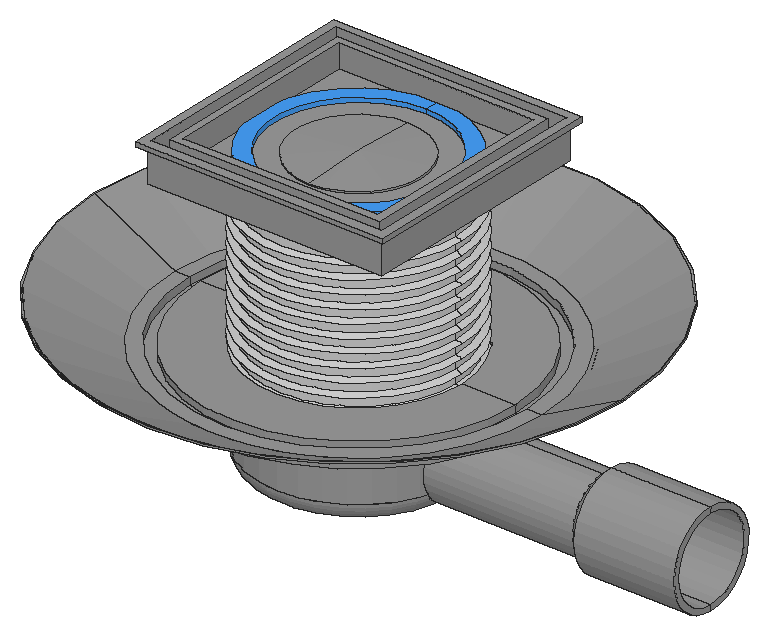
Revit family "HL_Трап для внутренних помещений_HL90Prblue-3020", category Instalační zařizovací předměty, Revit 2020
Family settings
  Kóta kulaté spojky = Použít průměr
  Typ dílu = Normální
  Číslo OmniClass = 23.70.50.21.24.14
  Nadpis OmniClass = Deck Waste Water Drains
  Založené na pracovní rovině = Ne
  Vždy vertikální = Ano
  Ořezat dutým tvarem při načtení = Ne
  Sdílené = Ano
  Bod výpočtu místnosti = Ano
Parameters (values of type "HL90Prblue-3020")
  РЕШЁТКА = "Edelstahl 112x112 (104x104X12)"
  РАЗМЕР = "DN40/50"
  ПРОПУСКНАЯ СПОСОБНОСТЬ = 0.43 L/s
  ПРОИЗВОДИТЕЛЬНОСТЬ = "0,5 l/s"
  ПРАВОВАЯ ИНФОРМАЦИЯ = "Авторские права(©), права на дизайн или какие либо другие права интелектуальной собственности являются исключительной собственностью компании HL Hutterer & Lechner. Изменению не подлежит. Файл семейства с данными о прозводителе изделия защищен паролем с водяным знаком."  # constant formula
  НОРМЫ = "EN 1253"
  НОМИНАЛЬНЫЙ ДИАМЕТР = 50 mm
  НАСАДКА = "10-80mm/132x132mm"
  МАТЕРИАЛ = "PP, ABS, Edelstahl"
  МАКСИМАЛЬНАЯ НАГРУЗКА КЛАССА = "K3 - 300 kg"
  ВЫСОТА МОНТАЖА = "89 mm"
  ВЕС = "0,765 [kg]"
  Výchozí výška = 0 mm
  Přípoj ventilace = no
  Výrobce = "HL Hutterer & Lechner GmbH"  # constant formula
  URL = "https://www.hutterer-lechner.com/ru/Products/catalog/Floor-drains/horizontal/flange/HL90Prblue-3020.aspx"
  Přípoj odpadních dílů = yes
  Přípoj HW = no
  Popis = "Трапы для внутренних помещений"
  Model = "HL90Prblue-3020"
  Komentáře k typům = "Трап для внутренних помещений с горизонтальным выпуском DN40/50 с \"СУХИМ\" сифоном и надставным элементом для вклеивания керамической плитки 132х132 мм/112х112 мм"
  Keynote = "HL90Prblue-3020"
  Высота монтажа [instance] = 159 mm
  EAN = "9003076050529"
  Přípoj CW = no
  C [instance] = if(НОМИНАЛЬНЫЙ ДИАМЕТР = 50 mm, 188 mm, 130 mm)  # 188 mm
  B [instance] = Высота монтажа - 19.9 mm  # 139.1 mm
  A [instance] = if(B - 100 mm > 15 mm, B - 100 mm, 15 mm)  # 39.1 mm
Reference planes
  plane 1 "Center (Front/Back)": y = 0
  plane 2: z = 0
  plane 3 "Center (Left/Right)": x = 0
  plane 4 "Ball Joint Vertical": x = 25.45
  plane 5: z = -159
  plane 6: z = -139.1
Lines and regions (mm)
  model lines, style "InvisibleLines"
    curve 1: line (0, 0, 0) -> (0, 0, 1000)
  reference lines
    curve 2: line (0, 0, -139.1) -> (188, 0, -139.1)
  model lines, detail levels coarse+medium
    curve 3: line (0, 0, -139.1) -> (0, 0, -100)
    curve 4: line (0, 0, -100) -> (100, 0, 0)
    curve 5: line (0, 0, -100) -> (-100, 0, 0)
    curve 22: line (0, 0, -139.1) -> (175.9, 0, -139.1)
  symbolic lines, detail levels coarse+medium
    curve 6: line (-75, 75, 0) -> (75, 75, 0)
    curve 7: line (-75, -75, 0) -> (-75, 75, 0)
    curve 8: line (75, -75, 0) -> (-75, -75, 0)
    curve 9: line (75, 75, 0) -> (75, -75, 0)
    curve 10: line (75, 75, 0) -> (145.711, 145.711, 0)
    curve 11: line (75, -75, 0) -> (145.711, -145.711, 0)
    curve 12: line (-75, 75, 0) -> (-145.711, 145.711, 0)
    curve 13: line (-75, -75, 0) -> (-145.711, -145.711, 0)
  symbolic lines, not visible, detail levels coarse+medium
    curve 14: line (-75, 75, 0) -> (75, 75, 0)
    curve 15: line (-75, -75, 0) -> (-75, 75, 0)
    curve 16: line (75, -75, 0) -> (-75, -75, 0)
    curve 17: line (75, 75, 0) -> (75, -75, 0)
    curve 18: line (75, 75, 0) -> (145.711, 145.711, 0)
    curve 19: line (75, -75, 0) -> (145.711, -145.711, 0)
    curve 20: line (-75, 75, 0) -> (-145.711, 145.711, 0)
    curve 21: line (-75, -75, 0) -> (-145.711, -145.711, 0)
Text (mm)
  text "ПОЛ" at (-244.442, 0, -7.554), in view "Drain Construction View"
Dimensions and locks
  locked: plane 4 "Ball Joint Vertical" to plane 3 "Center (Left/Right)" at 25.45
  "Высота монтажа": plane 2 to plane 5
  "A": curve 5 to plane 6
  "B": curve 5 to plane 6
  "B": curve 4 to plane 6
  "B": plane 2 to plane 6
  "C": curve 2 to curve 2
  locked: curve 4 to plane 3 "Center (Left/Right)" (angle 45.00°)
  locked: plane 3 "Center (Left/Right)" to curve 5 (angle 45.00°)
  aligned and locked: level to plane 2
  aligned and locked: plane 2 to curve 1
  aligned and locked: plane 3 "Center (Left/Right)" to curve 1
  aligned and locked: plane 3 "Center (Left/Right)" to curve 2
  aligned and locked: plane 3 "Center (Left/Right)" to curve 3
  aligned and locked: plane 3 "Center (Left/Right)" to curve 5
  aligned and locked: plane 2 to nested 1
  aligned and locked: nested 3 to plane 5
  aligned and locked: curve 22 to curve 2
Automatic sketch dimensions
  curve 4 to curve 22 = 75.9 mm
  level to curve 1 = 1000 mm
  curve 2 to plane 6 = 0 mm
Nested families
  nested 1: "HL_Насадка_HL3020" at (0, 0, 0), type "HL3020_Main Component"
    with Высота монтажа 100 mm, RN 13, RL 84.5 mm, R yes, NL_Test yes, NL 120 mm
  nested 2: "HL_Вкладыш сифона_HL090.5EKK" at (0, 0, -10), type "HL090.5EKK_Main Component"
  nested 3: "HL-Корпус для трапа внутренних помещений-HL90K-3020" at (0, 0, -80), NOMINAL DIAMETER <- "НОМИНАЛЬНЫЙ ДИАМЕТР", type "HL90K-3020_Main Component"
    with NOMINAL DIAMETER 50 mm, LC 0 mm
Connectors
  piping at (188, 0, -139.1), diameter 50, driven by "ПРОПУСКНАЯ СПОСОБНОСТЬ", driven by "НОМИНАЛЬНЫЙ ДИАМЕТР"
    settings: on curve 2, index 1, connector inside diameter 609.6 mm, connector length 0 mm, flow factor 0, pipe flow 0.43 L/s, pressure drop 0.0 Pa, fitting loss kfactor 0, connector angle 0.00°, fixture units 0, engagement length 0 mm, angle of deflection 0.00°, flow configuration 1, flow direction 2, fitting loss method 0, system type 16, joint type 0, gender type 0, connector reference index -1, connector utility 0, adjustable connector yes, is connector primary yes, connector description ""
Definition of nested family "HL_Насадка_HL3020"
  Parameters (values of type "HL3020")
    РЕШЁТКА = "112 x 112 mm / ABS-V4A"
    РАЗМЕР = "d 110 mm"
    ПРАВОВАЯ ИНФОРМАЦИЯ = "Авторские права(©), права на дизайн или какие либо другие права интелектуальной собственности являются исключительной собственностью компании HL Hutterer & Lechner. Изменению не подлежит. Файл семейства с данными о прозводителе изделия защищен паролем с водяным знаком."  # constant formula
    НАСАДКА = "132 x 132 mm / PP-V4A"
    МАКСИМАЛЬНАЯ НАГРУЗКА КЛАССА = "K3 - 300 kg"
    Высота монтажа [instance] = 100 mm
    ВЫСОТА МОНТАЖА = "30 - 100 mm (10-80 mm)"
    ВЕС = "0,32 [kg]"
    Waste Connection = yes
    Default Elevation = 0 mm
    Vent Connection = no
    RD = 6.5 mm  # constant formula
    R [instance] = ((Высота монтажа - NL_Min) / RD - 1) > 2  # yes
    RL [instance] = RD * RN  # 84.5 mm
    NL_Test [instance] = and(or(Высота монтажа < NL_Max, Высота монтажа = NL_Max), or(Высота монтажа > NL_Min, Высота монтажа = NL_Min))  # yes
    NL_Min = 30 mm
    NL_Max = 100 mm
    NL [instance] = if(NL_Test, Высота монтажа + 20 mm, 0 mm)  # 120 mm
    RN [instance] = if((Высота монтажа + 20 mm - NL_Min) / RD - 1 < 2, 2, (Высота монтажа + 20 mm - NL_Min) / RD - 1)  # 13
    Manufacturer = "HL Hutterer & Lechner GmbH"  # constant formula
    URL = "http://www.hutterer-lechner.com/ru/products/catalog/floor-drains/attachments/HL3020.aspx"
    HW Connection = no
    Description = "Трапы для внутренних помещений - Комплектующие"
    Model = "HL3020"
    Type Comments = "HL3020 Надставной элемент ?110 мм с подрамником из нержавеющей стали 132х132 мм и вкладышем 112х112 мм для вклеивания керамической плитки"
    Keynote = "HL3020"
    EAN = "9003076034253"
    CW Connection = no
  Reference planes
    plane 1 "Center (Front/Back)": y = 0
    plane 2: z = 0
    plane 3 "Center (Left/Right)": x = 0
    plane 4 "Ball Joint Vertical": x = 25.45
    plane 5: z = -120
  Forms (mm)
    Sweep 1, solid, detail levels fine
      path origin (0, 0, 0) x (1, 0, 0) y (0, 1, 0)
        loop
          line (-66, 66) -> (-66, -66) -> (66, -66) -> (66, 66) -> (-66, 66)
      profile origin (0, 66, 0) x (0, 1, 0) y (0, 0, 1)
        loop
          line (0, 0) -> (-4.35, 0) -> (-4.35, -20.7) -> (-3.55, -20.7) -> (-3.55, -2.5) -> (0, -2.5) -> (0, 0)
        loop
          line (-10, 0) -> (-14, 0) -> (-14, -14) -> (-10, -14) -> (-10, 0)
    Extrusion 2, solid, detail levels fine
      sketch origin (0, 0, 0) x (1, 0, 0) y (0, 1, 0)
        loop
          line (-56, 56) -> (-56, -56) -> (56, -56) -> (56, 56) -> (-56, 56)
      from -12 to -14
    Extrusion 3, solid, detail levels fine
      sketch origin (0, 0, 0) x (1, 0, 0) y (0, 1, 0)
        loop
          line (-61.75, 61.75) -> (-61.75, -61.75) -> (61.75, -61.75) -> (61.75, 61.75) -> (-61.75, 61.75)
      from -20.7 to -19.079
    Revolve 4, solid, detail levels fine
      sketch origin (0, 0, 0) x (1, 0, 0) y (0, 0, 1)
        loop
          line (52, -120) -> (52, -20.7) -> (50.2, -20.7) -> (50.2, -120) -> (52, -120)
        axis (0, -20.7) -> (0, -120)
      angle from 0 to 360
  Lines and regions (mm)
    symbolic lines
      curve 1: line (0, 0, -120) -> (0, 0, 0)
    model lines
      curve 2: line (0, 0, 0) -> (0, 0, 100)
  Text (mm)
    text "ROOF/FLOOR" at (-198.233, 0, -26.556), in view "Drain Construction View"
  Dimensions and locks
    locked: plane 4 "Ball Joint Vertical" to plane 3 "Center (Left/Right)" at 25.45
    "NL": plane 2 to plane 5
    equal spacing: group 1, group 3, group 4, group 5, group 6, group 7, group 8, group 9, group 10, group 11, group 12, group 13, group 2  (x3)
    "RL": nested 2 to nested 1
    locked: nested 1 to plane 5 at 1.516
    aligned and locked: level to plane 2
    aligned and locked: plane 3 "Center (Left/Right)" to nested 1
    aligned and locked: plane 1 "Center (Front/Back)" to nested 1
    aligned and locked: plane 2 to curve 1
    aligned and locked: plane 5 to curve 1
    aligned and locked: Sweep 1 to Revolve 4 sketch curve
    aligned and locked: plane 5 to Revolve 4 sketch curve
  Automatic sketch dimensions
    Sweep 1 sketch curve to plane 3 "Center (Left/Right)" = 66 mm
    plane 4 "Ball Joint Vertical" to Sweep 1 sketch curve = 40.55 mm
    plane 1 "Center (Front/Back)" to Sweep 1 sketch curve = 66 mm
    Sweep 1 sketch curve to plane 1 "Center (Front/Back)" = 66 mm
    Sweep 1 sketch curve to profile plane = 0 mm  (x3)
    profile plane to Sweep 1 sketch curve = 3.55 mm
    Sweep 1 sketch curve to Sweep 1 sketch curve = 0.8 mm
    Sweep 1 sketch curve to Sweep 1 sketch curve = 5.65 mm
    Sweep 1 sketch curve to Sweep 1 sketch curve = 4 mm
    Sweep 1 sketch curve to profile plane = 2.5 mm
    Sweep 1 sketch curve to Sweep 1 sketch curve = 11.5 mm
    Sweep 1 sketch curve to Sweep 1 sketch curve = 6.7 mm
    Extrusion 2 sketch curve to plane 3 "Center (Left/Right)" = 56 mm
    plane 4 "Ball Joint Vertical" to Extrusion 2 sketch curve = 30.55 mm
    plane 1 "Center (Front/Back)" to Extrusion 2 sketch curve = 56 mm
    Extrusion 2 sketch curve to plane 1 "Center (Front/Back)" = 56 mm
    Extrusion 3 sketch curve to plane 3 "Center (Left/Right)" = 61.75 mm
    plane 4 "Ball Joint Vertical" to Extrusion 3 sketch curve = 36.3 mm
    plane 1 "Center (Front/Back)" to Extrusion 3 sketch curve = 61.75 mm
    Extrusion 3 sketch curve to plane 1 "Center (Front/Back)" = 61.75 mm
    Revolve 4 sketch curve to plane 3 "Center (Left/Right)" = 0 mm
    plane 4 "Ball Joint Vertical" to Revolve 4 sketch curve = 24.75 mm
    Revolve 4 sketch curve to Revolve 4 sketch curve = 1.8 mm
    Revolve 4 sketch curve to level = 22.222 mm
    level to Revolve 4 sketch curve = 10 mm
    curve 2 to plane 3 "Center (Left/Right)" = 0 mm
    level to curve 2 = 100 mm
  Nested families
    nested 1: "Ring" at (0, 0, -118.484), visible <- "R", type "Ring"
    nested 2: "Ring" at (0, 0, -33.984), visible <- "R", type "Ring"
    nested 3: "Ring" at (0, 0, -111.442), visible <- "R", type "Ring"
    nested 4: "Ring" at (0, 0, -104.401), visible <- "R", type "Ring"
    nested 5: "Ring" at (0, 0, -97.359), visible <- "R", type "Ring"
    nested 6: "Ring" at (0, 0, -90.317), visible <- "R", type "Ring"
    nested 7: "Ring" at (0, 0, -83.276), visible <- "R", type "Ring"
    nested 8: "Ring" at (0, 0, -76.234), visible <- "R", type "Ring"
    nested 9: "Ring" at (0, 0, -69.192), visible <- "R", type "Ring"
    nested 10: "Ring" at (0, 0, -62.151), visible <- "R", type "Ring"
    nested 11: "Ring" at (0, 0, -55.109), visible <- "R", type "Ring"
    nested 12: "Ring" at (0, 0, -48.067), visible <- "R", type "Ring"
    nested 13: "Ring" at (0, 0, -41.026), visible <- "R", type "Ring"
  Definition of nested family "Ring"
    Parameters (values of type "Ring")
      Manufacturer = ""
      Default Elevation = 0 mm
      URL = ""
      R = D / 2  # 51.5 mm
      Description = ""
      Model = ""
      Material = none
      Type Comments = ""
      D = 103 mm
      Cost = 0
    Reference planes
      plane 1 "Střed (vpředu/vzadu)": y = 0
      plane 2: z = 0
      plane 3 "Střed (vlevo/vpravo)": x = 0
    Forms (mm)
      Revolve 1, solid, material <- "Material", detail levels fine
        sketch origin (0, 0, 0) x (1, 0, 0) y (0, 0, 1)
          loop
            line (-51.5, 1.482) -> (-54.764, 0) -> (-51.5, -1.516) -> (-51.5, 1.482)
          axis (0, 1.482) -> (0, -1.516)
        angle from 0 to 360
    Dimensions and locks
      "R": Revolve 1 sketch curve to plane 3 "Střed (vlevo/vpravo)"
      aligned and locked: level to plane 2
      aligned and locked: Revolve 1 sketch curve to plane 3 "Střed (vlevo/vpravo)"
    Automatic sketch dimensions
      Revolve 1 sketch curve to level = 0 mm
      Revolve 1 sketch curve to Revolve 1 sketch curve = 3.264 mm
      Revolve 1 sketch curve to level = 1.516 mm
      level to Revolve 1 sketch curve = 1.482 mm
      Revolve 1 sketch curve to level = 381 mm
      Revolve 1 sketch curve to Revolve 1 sketch curve = 2212.833 mm
Definition of nested family "HL_Вкладыш сифона_HL090.5EKK"
  Parameters (values of type "HL090.5EKK_Main Component")
    ПРАВОВАЯ ИНФОРМАЦИЯ = "Авторские права(©), права на дизайн или какие либо другие права интелектуальной собственности являются исключительной собственностью компании HL Hutterer & Lechner. Изменению не подлежит. Файл семейства с данными о прозводителе изделия защищен паролем с водяным знаком."  # constant formula
    МАТЕРИАЛ = "PC/ABS"
    ВЕС = "0,11 [kg]"
    Waste Connection = yes
    Default Elevation = 0 mm
    Vent Connection = no
    Manufacturer = "HL Hutterer & Lechner GmbH"  # constant formula
    URL = "https://www.hutterer-lechner.com/ru/Products/catalog/Floor-drains/attachments/HL090.5EKK.aspx"
    HW Connection = no
    Description = "Трапы для внутренних помещений - Комплектующие"
    Model = "HL090.5EKK"
    Type Comments = "\"СУХОЙ\" сифон Primus blue для  системы Klick-Klack"
    Keynote = "HL090.5EKK"
    EAN = "9003076050581"
    CW Connection = no
  Reference planes
    plane 1 "Center (Front/Back)": y = 0
    plane 2: z = 0
    plane 3 "Center (Left/Right)": x = 0
    plane 4 "Ball Joint Vertical": x = 25.45
  Forms (mm)
    Revolve 1, solid, detail levels fine
      sketch origin (0, 0, 0) x (0, 1, 0) y (0, 0, 1)
        loop
          line (-44.7, 0) -> (-53, 0) -> (-53, -2) -> (-49.228, -2) -> (-49.228, -13.214) -> (-46.721, -13.214) -> (-46.721, -20.152) -> (0, -20.152) -> (0, -18.268) -> (-32.15, -18.268) -> (-44.7, -18.268) -> (-44.7, 0)
        axis (0, 0) -> (0, -20.152)
      angle from 0 to 360
    Extrusion 2, solid, detail levels fine
      sketch origin (0, 0, 0) x (1, 0, 0) y (0, 1, 0)
        loop
          line (34.626, 31.41) -> (-34.626, 31.41)
          arc (-34.626, 31.41) -> (-46.75, 0) -> (-34.626, -31.41) r 46.75
          line (-34.626, -31.41) -> (34.626, -31.41)
          arc (34.626, -31.41) -> (46.721, 0) -> (34.626, 31.41) r 46.834
      from -20.152 to -57
    Revolve 3, solid, detail levels fine
      sketch origin (0, 0, 0) x (0, 1, 0) y (0, 0, 1)
        loop
          arc (-49.228, -6.728) -> (-50.709, -8.655) -> (-49.228, -10.583) r 1.995
          line (-49.228, -10.583) -> (-49.228, -6.728)
        axis (0, -6.728) -> (0, -10.583)
      angle from 0 to 360
    Revolve 4, solid, detail levels fine
      sketch origin (0, 0, 0) x (0, 1, 0) y (0, 0, 1)
        loop
          line (0, -18.268) -> (0, 0) -> (-33.004, -1.346) -> (-33.004, -3.231) -> (-32.15, -3.231) -> (-32.15, -18.268) -> (0, -18.268)
        axis (0, 0) -> (0, -18.268)
      angle from 0 to 360
  Text (mm)
    text "ROOF/FLOOR" at (-198.233, 0, -26.556), in view "Drain Construction View"
  Dimensions and locks
    locked: plane 4 "Ball Joint Vertical" to plane 3 "Center (Left/Right)" at 25.45
    aligned and locked: level to plane 2
    aligned and locked: Extrusion 2 to Revolve 1
Definition of nested family "HL-Корпус для трапа внутренних помещений-HL90K-3020"
  Parameters (values of type "HL90K-3020_Main Component")
    РАЗМЕР = "DN40/50"
    ПРОИЗВОДИТЕЛЬНОСТЬ = "0"
    ПРАВОВАЯ ИНФОРМАЦИЯ = "Авторские права(©), права на дизайн или какие либо другие права интелектуальной собственности являются исключительной собственностью компании HL Hutterer & Lechner. Изменению не подлежит. Файл семейства с данными о прозводителе изделия защищен паролем с водяным знаком."  # constant formula
    МАТЕРИАЛ = "PP"
    ВЫСОТА МОНТАЖА = "79 mm"
    ВЕС = "0,414 kg"
    Waste Connection = yes
    Default Elevation = 0 mm
    Vent Connection = no
    Manufacturer = "HL Hutterer & Lechner GmbH"  # constant formula
    URL = "http://www.hutterer-lechner.com/en/Products/catalog/floor-drains/attachments/HL90k-3020.aspx"
    NOMINAL DIAMETER [instance] = 50 mm
    LC [instance] = if(NOMINAL DIAMETER = 40 mm, 58 mm, if(NOMINAL DIAMETER = 50 mm, 0 mm, -2 mm))  # 0 mm
    Assembly Code = "Main Component"
    Keynote = "HL90K-3020"
    HW Connection = no
    Description = "Трапы для внутренних помещений - Комплектующие"
    Model = "HL90K-3020"
    Type Comments = "Корпус трапа для балконов и террас с горизонтальным выпуском DN40/50 для серии 3020, с глубокой монтажной заглушкой"
    EAN = "9003076034314"
    CW Connection = no
  Reference planes
    plane 1 "Center (Front/Back)": y = 0
    plane 2: z = 0
    plane 3 "Center (Left/Right)": x = 0
    plane 4 "Ball Joint Vertical": x = 25.45
  Forms (mm)
    Revolve 1, solid, detail levels fine
      sketch origin (0, 0, 0) x (1, 0, 0) y (0, 0, 1)
        loop
          line (-51, -69) -> (-51, -42) -> (-55.35, -42) -> (-55.35, -22) -> (-84, -22) -> (-84, -26) -> (-90, -26) -> (-90, -22) -> (-97.986, -22) -> (-140.394, 0) -> (-142.408, 0) -> (-100, -22) -> (-100, -26) -> (-93, -26) -> (-93, -29) -> (-58.5, -29) -> (-58.5, -46.5) -> (-54, -46.5) -> (-54, -69)
          arc (-54, -69) -> (-50.792, -76.352) -> (-43.221, -79) r 10.028
          line (-43.221, -79) -> (0, -79) -> (0, -76) -> (-44, -76)
          arc (-44, -76) -> (-48.95, -73.95) -> (-51, -69) r 7
        axis (0, 0) -> (0, -79)
      angle from 0 to 360
    Revolve 2, void
      sketch origin (0, 0, 0) x (1, 0, 0) y (0, 0, 1)
        loop
          line (-141, -1.099) -> (-141, 0.861) -> (-143.007, 0.861) -> (-143.007, -1.099) -> (-141, -1.099)
        axis (0, 0.861) -> (0, -1.099)
      angle from 0 to 360
    Revolve 3, solid, detail levels fine
      sketch origin (0, 0, 0) x (1, 0, 0) y (0, 0, 1)
        loop
          line (40.568, -79) -> (130, -79) -> (135, -84) -> (188, -84) -> (188, -81) -> (136.243, -81) -> (131.243, -76) -> (40.568, -76) -> (40.568, -79)
        axis (188, -59.059) -> (40.568, -59.059)
      angle from 0 to 360
    Revolve 4, void
      sketch origin (0, 0, 0) x (1, 0, 0) y (0, 0, 1)
        loop
          line (51, -68.972) -> (51, -69.773) -> (55.35, -69.773) -> (55.35, -21.972) -> (45.35, -21.972) -> (45.35, -22.68) -> (41, -22.68) -> (41, -65.972) -> (0, -65.972) -> (0, -75.972) -> (44, -75.972)
          arc (44, -75.972) -> (48.95, -73.922) -> (51, -68.972) r 7
        axis (0, -21.972) -> (0, -75.972)
      angle from -37.396 to 53.719
    Revolve 5, void
      sketch origin (0, 0, 0) x (1, 0, 0) y (0, 0, 1)
        loop
          line (55.35, -22) -> (20.35, -22) -> (20.35, -76) -> (44, -76)
          arc (44, -76) -> (48.95, -73.95) -> (51, -69) r 7
          line (51, -69) -> (51, -46.5) -> (55.35, -46.5) -> (55.35, -22)
        axis (0, -22) -> (0, -76)
      angle from 0 to 360
    Extrusion 6, void
      sketch origin (188, 0, -59.059) x (0, 0, 1) y (0, 1, 0)
        loop
          circle (0, 0) r 24.941
      from -2 to 0 <- "LC"
  Cuts and joins
    Revolve 2 cuts Revolve 1
    Revolve 5, Extrusion 6 cuts Revolve 3
  Lines and regions (mm)
    model lines, detail levels fine
      curve 1: line (-10, 8.425, -75.6) -> (-18, 8.425, -75.6)
      curve 2: line (-19, 7.425, -75.6) -> (-19, 3.675, -75.6)
      curve 3: line (-18, 2.675, -75.6) -> (-14.325, 2.675, -75.6)
      curve 4: line (-13.325, 3.675, -75.6) -> (-13.325, 5.925, -75.6)
      curve 5: arc (-12.575, 6.675, -75.6) -> (-13.105, 6.455, -75.6) -> (-13.325, 5.925, -75.6) r 0.75
      curve 6: line (-12.575, 6.675, -75.6) -> (-11.5, 6.675, -75.6)
      curve 7: line (-10.75, 5.925, -75.6) -> (-10.75, 3.425, -75.6)
      curve 8: arc (-10.75, 3.425, -75.6) -> (-10.53, 2.895, -75.6) -> (-10, 2.675, -75.6) r 0.75
      curve 9: arc (-9.75, 2.675, -75.6) -> (-9.22, 2.895, -75.6) -> (-9, 3.425, -75.6) r 0.75
      curve 10: line (-9, 3.425, -75.6) -> (-9, 7.425, -75.6)
      curve 11: arc (-10.75, 5.925, -75.6) -> (-10.97, 6.455, -75.6) -> (-11.5, 6.675, -75.6) r 0.75
      curve 12: arc (-14.325, 2.675, -75.6) -> (-13.618, 2.968, -75.6) -> (-13.325, 3.675, -75.6) r 1
      curve 13: arc (-19, 3.675, -75.6) -> (-18.707, 2.968, -75.6) -> (-18, 2.675, -75.6) r 1
      curve 14: arc (-17.25, 5.175, -75.6) -> (-17.03, 4.645, -75.6) -> (-16.5, 4.425, -75.6) r 0.75
      curve 15: arc (-16.5, 6.675, -75.6) -> (-17.03, 6.455, -75.6) -> (-17.25, 5.925, -75.6) r 0.75
      curve 16: arc (-15.075, 5.925, -75.6) -> (-15.295, 6.455, -75.6) -> (-15.825, 6.675, -75.6) r 0.75
      curve 17: arc (-15.825, 4.425, -75.6) -> (-15.295, 4.645, -75.6) -> (-15.075, 5.175, -75.6) r 0.75
      curve 18: arc (-18, 8.425, -75.6) -> (-18.707, 8.132, -75.6) -> (-19, 7.425, -75.6) r 1
      curve 19: arc (-9, 7.425, -75.6) -> (-9.293, 8.132, -75.6) -> (-10, 8.425, -75.6) r 1
      curve 20: line (-16.5, 6.675, -75.6) -> (-15.825, 6.675, -75.6)
      curve 21: line (-15.075, 5.925, -75.6) -> (-15.075, 5.175, -75.6)
      curve 22: line (-15.825, 4.425, -75.6) -> (-16.5, 4.425, -75.6)
      curve 23: line (-17.25, 5.175, -75.6) -> (-17.25, 5.925, -75.6)
      curve 24: line (-10, 2.675, -75.6) -> (-9.75, 2.675, -75.6)
      curve 25: line (-11.5, 16.225, -75.6) -> (-16.5, 16.225, -75.6)
      curve 26: line (-16.5, 14.475, -75.6) -> (-11.5, 14.475, -75.6)
      curve 27: line (-11.5, 11.975, -75.6) -> (-16.5, 11.975, -75.6)
      curve 28: arc (-16.5, 14.475, -75.6) -> (-17.03, 14.255, -75.6) -> (-17.25, 13.725, -75.6) r 0.75
      curve 29: line (-17.25, 12.725, -75.6) -> (-17.25, 13.725, -75.6)
      curve 30: arc (-17.25, 12.725, -75.6) -> (-17.03, 12.195, -75.6) -> (-16.5, 11.975, -75.6) r 0.75
      curve 31: arc (-11.5, 11.975, -75.6) -> (-10.97, 12.195, -75.6) -> (-10.75, 12.725, -75.6) r 0.75
      curve 32: line (-10.75, 13.725, -75.6) -> (-10.75, 12.725, -75.6)
      curve 33: arc (-10.75, 13.725, -75.6) -> (-10.97, 14.255, -75.6) -> (-11.5, 14.475, -75.6) r 0.75
      curve 34: arc (-9, 13.725, -75.6) -> (-9.732, 15.493, -75.6) -> (-11.5, 16.225, -75.6) r 2.5
      curve 35: line (-9, 12.725, -75.6) -> (-9, 13.725, -75.6)
      curve 36: arc (-11.5, 10.225, -75.6) -> (-9.732, 10.957, -75.6) -> (-9, 12.725, -75.6) r 2.5
      curve 37: line (-16.5, 10.225, -75.6) -> (-11.5, 10.225, -75.6)
      curve 38: arc (-19, 12.725, -75.6) -> (-18.268, 10.957, -75.6) -> (-16.5, 10.225, -75.6) r 2.5
      curve 39: arc (-16.5, 16.225, -75.6) -> (-18.268, 15.493, -75.6) -> (-19, 13.725, -75.6) r 2.5
      curve 40: line (-19, 13.725, -75.6) -> (-19, 12.725, -75.6)
      curve 41: line (-18.25, -16.225, -75.6) -> (-9.75, -16.225, -75.6)
      curve 42: line (-15.625, -14.475, -75.6) -> (-18.25, -14.475, -75.6)
      curve 43: line (-9.75, -14.475, -75.6) -> (-12.375, -14.475, -75.6)
      curve 44: arc (-9, -15.225, -75.6) -> (-9.22, -14.695, -75.6) -> (-9.75, -14.475, -75.6) r 0.75
      curve 45: arc (-9.75, -16.225, -75.6) -> (-9.22, -16.005, -75.6) -> (-9, -15.475, -75.6) r 0.75
      curve 46: arc (-19, -15.475, -75.6) -> (-18.78, -16.005, -75.6) -> (-18.25, -16.225, -75.6) r 0.75
      curve 47: arc (-18.25, -14.475, -75.6) -> (-18.78, -14.695, -75.6) -> (-19, -15.225, -75.6) r 0.75
      curve 48: arc (-15.625, -14.475, -75.6) -> (-15.095, -14.255, -75.6) -> (-14.875, -13.725, -75.6) r 0.75
      curve 49: arc (-13.125, -13.725, -75.6) -> (-12.905, -14.255, -75.6) -> (-12.375, -14.475, -75.6) r 0.75
      curve 50: line (-13.125, -13.725, -75.6) -> (-13.125, -10.725, -75.6)
      curve 51: line (-14.875, -10.725, -75.6) -> (-14.875, -13.725, -75.6)
      curve 52: arc (-14.875, -10.725, -75.6) -> (-15.095, -10.195, -75.6) -> (-15.625, -9.975, -75.6) r 0.75
      curve 53: line (-18.25, -9.975, -75.6) -> (-15.625, -9.975, -75.6)
      curve 54: arc (-12.375, -9.975, -75.6) -> (-12.905, -10.195, -75.6) -> (-13.125, -10.725, -75.6) r 0.75
      curve 55: line (-12.375, -9.975, -75.6) -> (-9.75, -9.975, -75.6)
      curve 56: arc (-9.75, -9.975, -75.6) -> (-9.22, -9.755, -75.6) -> (-9, -9.225, -75.6) r 0.75
      curve 57: arc (-9, -8.975, -75.6) -> (-9.22, -8.445, -75.6) -> (-9.75, -8.225, -75.6) r 0.75
      curve 58: line (-9.75, -8.225, -75.6) -> (-18.25, -8.225, -75.6)
      curve 59: arc (-18.25, -8.225, -75.6) -> (-18.78, -8.445, -75.6) -> (-19, -8.975, -75.6) r 0.75
      curve 60: arc (-19, -9.225, -75.6) -> (-18.78, -9.755, -75.6) -> (-18.25, -9.975, -75.6) r 0.75
      curve 61: arc (-19, -5.675, -75.6) -> (-18.78, -6.205, -75.6) -> (-18.25, -6.425, -75.6) r 0.75
      curve 62: arc (-18.25, -4.675, -75.6) -> (-18.78, -4.895, -75.6) -> (-19, -5.425, -75.6) r 0.75
      curve 63: line (-11.5, -4.675, -75.6) -> (-18.25, -4.675, -75.6)
      curve 64: arc (-11.5, -4.675, -75.6) -> (-10.97, -4.455, -75.6) -> (-10.75, -3.925, -75.6) r 0.75
      curve 65: line (-10.75, -0.675, -75.6) -> (-10.75, -3.925, -75.6)
      curve 66: arc (-10, 0.075, -75.6) -> (-10.53, -0.145, -75.6) -> (-10.75, -0.675, -75.6) r 0.75
      curve 67: arc (-9, -0.675, -75.6) -> (-9.22, -0.145, -75.6) -> (-9.75, 0.075, -75.6) r 0.75
      curve 68: line (-9, -5.675, -75.6) -> (-9, -0.675, -75.6)
      curve 69: arc (-9.75, -6.425, -75.6) -> (-9.22, -6.205, -75.6) -> (-9, -5.675, -75.6) r 0.75
      curve 70: line (-18.25, -6.425, -75.6) -> (-9.75, -6.425, -75.6)
      curve 71: line (-19, -5.675, -75.6) -> (-19, -5.425, -75.6)
      curve 72: line (-9.75, 0.075, -75.6) -> (-10, 0.075, -75.6)
      curve 73: line (-9, -8.975, -75.6) -> (-9, -9.225, -75.6)
      curve 74: line (-9, -15.225, -75.6) -> (-9, -15.475, -75.6)
      curve 75: line (-19, -15.475, -75.6) -> (-19, -15.225, -75.6)
      curve 76: line (-19, -9.225, -75.6) -> (-19, -8.975, -75.6)
  Text (mm)
    text "ROOF/FLOOR" at (-198.233, 0, -26.556), in view "Drain Construction View"
  Dimensions and locks
    locked: plane 4 "Ball Joint Vertical" to plane 3 "Center (Left/Right)" at 25.45
    aligned and locked: level to plane 2
